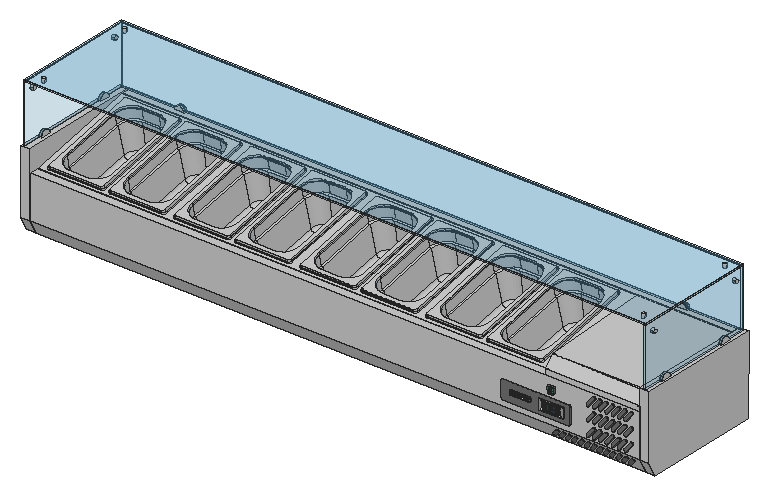
Revit family "QF_BLIZZARD_TOP2000CR", category Specialty Equipment, Revit 2016
Family settings
  Part Type = Normal
  Round Connector Dimension = Use Diameter
  OmniClass Number = 23.40.40.14
  OmniClass Title = Food Service Equipment
  Work Plane-Based = No
  Always vertical = Yes
  Cut with Voids When Loaded = No
  Shared = No
  Room Calculation Point = No
Parameters (values of type "TOP2000CR")
  URL = "www.blizzardequipment.com"
  Show Logo [instance] = yes
  Show Clearance [instance] = yes
  Model = "TOP2000CR"
  Manufacturer = "BLIZZARD"
  Description = "1/3 GASTRONORM PREP TOP WITH GLASS COVER 2000MM"
  Assembly Code = "E1090320"
Reference planes
  plane 1 "Back": y = 0
  plane 2: z = 0
  plane 3 "Left": x = 0
  plane 4 "Right": x = 2000
  plane 5 "Front": y = -395
  plane 6 "Top": z = 439
Forms (mm)
  Extrusion 1, solid
    sketch origin (0, -4, -8) x (0, 1, 0) y (0, 0, 1)
      loop
        line (-391, 53) -> (-366, 8) -> (2.955, 8)
        arc (2.955, 8) -> (3.694, 8.306) -> (4, 9.045) r 1.045
        line (4, 9.045) -> (4, 258) -> (-391, 258) -> (-391, 53)
    from 0 to 30
  Extrusion 2, solid
    sketch origin (1970, -4, -8) x (0, 1, 0) y (0, 0, 1)
      loop
        line (-391, 53) -> (-366, 8) -> (2.955, 8)
        arc (2.955, 8) -> (3.694, 8.306) -> (4, 9.045) r 1.045
        line (4, 9.045) -> (4, 258) -> (-391, 258) -> (-391, 53)
    from 0 to 30
  Extrusion 3, solid
    sketch origin (-580, -4, -8) x (0, 1, 0) y (0, 0, 1)
      loop
        line (-391, 53) -> (-366, 8) -> (2.955, 8)
        arc (2.955, 8) -> (3.694, 8.306) -> (4, 9.045) r 1.045
        line (4, 9.045) -> (4, 258) -> (-26, 258) -> (-26, 38) -> (-348.348, 38) -> (-361, 60.774) -> (-361, 190.193) -> (-391, 190.193) -> (-391, 53)
    from 610 to 2550
  Extrusion 4, solid
    sketch origin (10, 0, -20) x (0, 1, 0) y (0, 0, 1)
      loop
        line (-5, 455) -> (-395, 455) -> (-395, 270) -> (-5, 270) -> (-5, 455)
    from 0 to 5
  Extrusion 5, solid
    sketch origin (1985, 0, -20) x (0, 1, 0) y (0, 0, 1)
      loop
        line (-5, 455) -> (-395, 455) -> (-395, 270) -> (-5, 270) -> (-5, 455)
    from 0 to 5
  Extrusion 6, solid
    sketch origin (-610, 0, -20) x (0, 1, 0) y (0, 0, 1)
      loop
        line (-5, 460) -> (-395, 460) -> (-395, 455) -> (-5, 455) -> (-5, 460)
    from 620 to 2600
  Extrusion 7, solid
    sketch origin (-610, -5, -20) x (1, 0, 0) y (0, 0, 1)
      loop
        line (625, 455) -> (625, 270) -> (2595, 270) -> (2595, 455) -> (625, 455)
    from 0 to 5
  Extrusion 8, solid
    sketch origin (8, -65, -20) x (0, 1, 0) y (0, 0, 1)
      loop
        arc (0, 270) -> (-15, 285) -> (-30, 270) r 15
        line (-30, 270) -> (0, 270)
    from 0 to 2
  Extrusion 9, solid
    sketch origin (8, -330, -20) x (0, -1, 0) y (0, 0, -1)
      loop
        line (0, -270) -> (-30, -270)
        arc (-30, -270) -> (-15, -285) -> (0, -270) r 15
    from 0 to 2
  Extrusion 10, solid
    sketch origin (15, -65, -20) x (0, 1, 0) y (0, 0, 1)
      loop
        arc (0, 270) -> (-15, 285) -> (-30, 270) r 15
        line (-30, 270) -> (0, 270)
    from 0 to 2
  Extrusion 11, solid
    sketch origin (15, -330, -20) x (0, -1, 0) y (0, 0, -1)
      loop
        line (0, -270) -> (-30, -270)
        arc (-30, -270) -> (-15, -285) -> (0, -270) r 15
    from 0 to 2
  Extrusion 12, solid
    sketch origin (1983, -65, -20) x (0, 1, 0) y (0, 0, 1)
      loop
        arc (0, 270) -> (-15, 285) -> (-30, 270) r 15
        line (-30, 270) -> (0, 270)
    from 0 to 2
  Extrusion 13, solid
    sketch origin (1983, -330, -20) x (0, -1, 0) y (0, 0, -1)
      loop
        line (0, -270) -> (-30, -270)
        arc (-30, -270) -> (-15, -285) -> (0, -270) r 15
    from 0 to 2
  Extrusion 14, solid
    sketch origin (1990, -65, -20) x (0, 1, 0) y (0, 0, 1)
      loop
        arc (0, 270) -> (-15, 285) -> (-30, 270) r 15
        line (-30, 270) -> (0, 270)
    from 0 to 2
  Extrusion 15, solid
    sketch origin (1990, -330, -20) x (0, -1, 0) y (0, 0, -1)
      loop
        line (0, -270) -> (-30, -270)
        arc (-30, -270) -> (-15, -285) -> (0, -270) r 15
    from 0 to 2
  Extrusion 16, solid
    sketch origin (7.5, 0, -20) x (0, 1, 0) y (0, 0, 1)
      loop
        circle (-359.645, 424.645) r 5
    from 0 to 10
  Extrusion 17, solid
    sketch origin (1992.5, 0, -20) x (0, 1, 0) y (0, 0, -1)
      loop
        circle (-359.645, -424.645) r 5
    from 0 to 10
  Extrusion 18, solid
    sketch origin (7.5, -395, -20) x (0, -1, 0) y (0, 0, -1)
      loop
        circle (-359.645, -424.645) r 5
    from 0 to 10
  Extrusion 19, solid
    sketch origin (1992.5, -395, -20) x (0, -1, 0) y (0, 0, 1)
      loop
        circle (-359.645, 424.645) r 5
    from 0 to 10
  Extrusion 20, solid
    sketch origin (0, 0, 432.5) x (1, 0, 0) y (0, 1, 0)
      loop
        circle (45.355, -35.355) r 5
    from 0 to 10
  Extrusion 21, solid
    sketch origin (2000, 0, 432.5) x (-1, 0, 0) y (0, -1, 0)
      loop
        circle (45.355, 35.355) r 5
    from 0 to 10
  Extrusion 22, solid
    sketch origin (0, -395, 432.5) x (1, 0, 0) y (0, 1, 0)
      loop
        circle (45.355, 35.355) r 5
    from 0 to 10
  Extrusion 23, solid
    sketch origin (2000, -395, 432.5) x (-1, 0, 0) y (0, -1, 0)
      loop
        circle (45.355, -35.355) r 5
    from 0 to 10
  Extrusion 24, solid
    sketch origin (-610, 389.719, 331.894) x (1, 0, 0) y (0, 0.980124, 0.198386)
      loop
        line (640, -769.416) -> (2580, -769.416) -> (2580, -427.653) -> (640, -427.653) -> (640, -769.416)
      loop
        line (2229, -442.96) -> (2067, -442.96)
        arc (2067, -442.96) -> (2062.757, -444.717) -> (2061, -448.96) r 6
        line (2061, -448.96) -> (2061, -749.86)
        arc (2061, -749.86) -> (2062.757, -754.102) -> (2067, -755.86) r 6
        line (2067, -755.86) -> (2229, -755.86)
        arc (2229, -755.86) -> (2233.243, -754.102) -> (2235, -749.86) r 6
        line (2235, -749.86) -> (2235, -448.96)
        arc (2235, -448.96) -> (2233.243, -444.717) -> (2229, -442.96) r 6
      loop
        line (1635, -442.96) -> (1473, -442.96)
        arc (1473, -442.96) -> (1468.757, -444.717) -> (1467, -448.96) r 6
        line (1467, -448.96) -> (1467, -749.86)
        arc (1467, -749.86) -> (1468.757, -754.102) -> (1473, -755.86) r 6
        line (1473, -755.86) -> (1635, -755.86)
        arc (1635, -755.86) -> (1639.243, -754.102) -> (1641, -749.86) r 6
        line (1641, -749.86) -> (1641, -448.96)
        arc (1641, -448.96) -> (1639.243, -444.717) -> (1635, -442.96) r 6
      loop
        line (1427, -442.96) -> (1265, -442.96)
        arc (1265, -442.96) -> (1260.757, -444.717) -> (1259, -448.96) r 6
        line (1259, -448.96) -> (1259, -749.86)
        arc (1259, -749.86) -> (1260.757, -754.102) -> (1265, -755.86) r 6
        line (1265, -755.86) -> (1427, -755.86)
        arc (1427, -755.86) -> (1431.243, -754.102) -> (1433, -749.86) r 6
        line (1433, -749.86) -> (1433, -448.96)
        arc (1433, -448.96) -> (1431.243, -444.717) -> (1427, -442.96) r 6
      loop
        line (1233, -442.96) -> (1071, -442.96)
        arc (1071, -442.96) -> (1066.757, -444.717) -> (1065, -448.96) r 6
        line (1065, -448.96) -> (1065, -749.86)
        arc (1065, -749.86) -> (1066.757, -754.102) -> (1071, -755.86) r 6
        line (1071, -755.86) -> (1233, -755.86)
        arc (1233, -755.86) -> (1237.243, -754.102) -> (1239, -749.86) r 6
        line (1239, -749.86) -> (1239, -448.96)
        arc (1239, -448.96) -> (1237.243, -444.717) -> (1233, -442.96) r 6
      loop
        line (1027, -442.96) -> (865, -442.96)
        arc (865, -442.96) -> (860.757, -444.717) -> (859, -448.96) r 6
        line (859, -448.96) -> (859, -749.86)
        arc (859, -749.86) -> (860.757, -754.102) -> (865, -755.86) r 6
        line (865, -755.86) -> (1027, -755.86)
        arc (1027, -755.86) -> (1031.243, -754.102) -> (1033, -749.86) r 6
        line (1033, -749.86) -> (1033, -448.96)
        arc (1033, -448.96) -> (1031.243, -444.717) -> (1027, -442.96) r 6
      loop
        line (833, -442.96) -> (671, -442.96)
        arc (671, -442.96) -> (666.757, -444.717) -> (665, -448.96) r 6
        line (665, -448.96) -> (665, -749.86)
        arc (665, -749.86) -> (666.757, -754.102) -> (671, -755.86) r 6
        line (671, -755.86) -> (833, -755.86)
        arc (833, -755.86) -> (837.243, -754.102) -> (839, -749.86) r 6
        line (839, -749.86) -> (839, -448.96)
        arc (839, -448.96) -> (837.243, -444.717) -> (833, -442.96) r 6
      loop
        line (2035, -442.96) -> (1873, -442.96)
        arc (1873, -442.96) -> (1868.757, -444.717) -> (1867, -448.96) r 6
        line (1867, -448.96) -> (1867, -749.86)
        arc (1867, -749.86) -> (1868.757, -754.102) -> (1873, -755.86) r 6
        line (1873, -755.86) -> (2035, -755.86)
        arc (2035, -755.86) -> (2039.243, -754.102) -> (2041, -749.86) r 6
        line (2041, -749.86) -> (2041, -448.96)
        arc (2041, -448.96) -> (2039.243, -444.717) -> (2035, -442.96) r 6
      loop
        line (1829, -442.96) -> (1667, -442.96)
        arc (1667, -442.96) -> (1662.757, -444.717) -> (1661, -448.96) r 6
        line (1661, -448.96) -> (1661, -749.86)
        arc (1661, -749.86) -> (1662.757, -754.102) -> (1667, -755.86) r 6
        line (1667, -755.86) -> (1829, -755.86)
        arc (1829, -755.86) -> (1833.243, -754.102) -> (1835, -749.86) r 6
        line (1835, -749.86) -> (1835, -448.96)
        arc (1835, -448.96) -> (1833.243, -444.717) -> (1829, -442.96) r 6
    from 0 to 3
  Sweep 25, solid
    path origin (779, -13.722, 107.395) x (0, -0.980124, -0.198386) y (1, 0, 0)
      loop
        line (62.985, -289.089) -> (255.95, -289.089)
        arc (255.95, -289.089) -> (273.337, -281.887) -> (280.539, -264.5) r 24.589
        line (280.539, -264.5) -> (280.539, -209.5)
        arc (280.539, -209.5) -> (273.337, -192.113) -> (255.95, -184.911) r 24.589
        line (255.95, -184.911) -> (62.985, -184.911)
        arc (62.985, -184.911) -> (45.598, -192.113) -> (38.396, -209.5) r 24.589
        line (38.396, -209.5) -> (38.396, -264.5)
        arc (38.396, -264.5) -> (45.598, -281.887) -> (62.985, -289.089) r 24.589
    profile origin (489.911, -170.02, 75.759) x (1, 0, 0) y (0, -0.198386, 0.980124)
      loop
        arc (0, 2) -> (-9.637, 5.845) -> (-13.981, 15.267) r 14
        line (-13.981, 15.267) -> (-18.689, 105.106) -> (-23.411, 109.828) -> (-23.411, 143) -> (-25.411, 143) -> (-25.411, 109) -> (-20.646, 104.235) -> (-15.978, 15.163)
        arc (-15.978, 15.163) -> (-11.014, 4.394) -> (0, 0) r 16
        line (0, 0) -> (0, 2)
  Extrusion 26, solid
    sketch origin (779, -14.714, 112.295) x (0, -0.980124, -0.198386) y (1, 0, 0)
      loop
        line (0, -156) -> (0, -318)
        arc (0, -318) -> (2.636, -324.364) -> (9, -327) r 9
        line (9, -327) -> (309.939, -327)
        arc (309.939, -327) -> (316.303, -324.364) -> (318.939, -318) r 9
        line (318.939, -318) -> (318.939, -156)
        arc (318.939, -156) -> (316.303, -149.636) -> (309.939, -147) r 9
        line (309.939, -147) -> (9, -147)
        arc (9, -147) -> (2.636, -149.636) -> (0, -156) r 9
      loop
        arc (14.985, -264.5) -> (29.043, -298.441) -> (62.985, -312.5) r 48
        line (62.985, -312.5) -> (256.139, -312.5)
        arc (256.139, -312.5) -> (289.949, -298.495) -> (303.954, -264.685) r 47.815
        line (303.954, -264.685) -> (303.954, -209.5)
        arc (303.954, -209.5) -> (289.895, -175.559) -> (255.954, -161.5) r 48
        line (255.954, -161.5) -> (62.985, -161.5)
        arc (62.985, -161.5) -> (29.043, -175.559) -> (14.985, -209.5) r 48
        line (14.985, -209.5) -> (14.985, -264.5)
    from 138 to 140
  Extrusion 27, solid
    sketch origin (779, -14.714, 112.295) x (0, -0.980124, -0.198386) y (1, 0, 0)
      loop
        arc (3, -318) -> (4.757, -322.243) -> (9, -324) r 6
        line (9, -324) -> (309.939, -324)
        arc (309.939, -324) -> (314.181, -322.243) -> (315.939, -318) r 6
        line (315.939, -318) -> (315.939, -156)
        arc (315.939, -156) -> (314.181, -151.757) -> (309.939, -150) r 6
        line (309.939, -150) -> (9, -150)
        arc (9, -150) -> (4.757, -151.757) -> (3, -156) r 6
        line (3, -156) -> (3, -318)
      loop
        arc (14.985, -264.5) -> (29.043, -298.441) -> (62.985, -312.5) r 48
        line (62.985, -312.5) -> (255.954, -312.5)
        arc (255.954, -312.5) -> (289.895, -298.441) -> (303.954, -264.5) r 48
        line (303.954, -264.5) -> (303.954, -209.5)
        arc (303.954, -209.5) -> (289.895, -175.559) -> (255.954, -161.5) r 48
        line (255.954, -161.5) -> (62.985, -161.5)
        arc (62.985, -161.5) -> (29.043, -175.559) -> (14.985, -209.5) r 48
        line (14.985, -209.5) -> (14.985, -264.5)
    from 140 to 145
  Extrusion 28, solid
    sketch origin (779, -425.374, 24.073) x (0, -0.980124, -0.198386) y (1, 0, 0)
      loop
        arc (-357.015, -184.911) -> (-374.402, -192.113) -> (-381.604, -209.5) r 24.589
        line (-381.604, -209.5) -> (-381.604, -264.5)
        arc (-381.604, -264.5) -> (-374.402, -281.887) -> (-357.015, -289.089) r 24.589
        line (-357.015, -289.089) -> (-163.865, -289.089)
        arc (-163.865, -289.089) -> (-146.609, -281.941) -> (-139.461, -264.685) r 24.404
        line (-139.461, -264.685) -> (-139.461, -209.315)
        arc (-139.461, -209.315) -> (-146.609, -192.059) -> (-163.865, -184.911) r 24.404
        line (-163.865, -184.911) -> (-357.015, -184.911)
    from 0 to 2
  Extrusion 29, solid
    sketch origin (42.5, -3, -20) x (1, 0, 0) y (0, 0, 1)
      loop
        line (142.5, 270) -> (172.5, 270)
        arc (172.5, 270) -> (157.5, 285) -> (142.5, 270) r 15
    from 0 to 2
  Extrusion 30, solid
    sketch origin (1957.5, -3, -20) x (-1, 0, 0) y (0, 0, -1)
      loop
        arc (142.5, -270) -> (157.5, -285) -> (172.5, -270) r 15
        line (172.5, -270) -> (142.5, -270)
    from 0 to 2
  Extrusion 31, solid
    sketch origin (42.5, -10, -20) x (1, 0, 0) y (0, 0, 1)
      loop
        line (142.5, 270) -> (172.5, 270)
        arc (172.5, 270) -> (157.5, 285) -> (142.5, 270) r 15
    from 0 to 2
  Extrusion 32, solid
    sketch origin (1957.5, -10, -20) x (-1, 0, 0) y (0, 0, -1)
      loop
        arc (142.5, -270) -> (157.5, -285) -> (172.5, -270) r 15
        line (172.5, -270) -> (142.5, -270)
    from 0 to 2
  Extrusion 33, solid
    sketch origin (1648, 205.936, 282.02) x (0, -0.34202, 0.939693) y (0, -0.939693, -0.34202)
      loop
        line (10.308, 247.326) -> (50.606, 232.659) -> (149.332, 555.577)
        arc (149.332, 555.577) -> (149.387, 556.194) -> (149.187, 556.781) r 1.501
        line (149.187, 556.781) -> (128.527, 591.598)
        arc (128.527, 591.598) -> (128.102, 592.105) -> (127.538, 592.449) r 2.032
        line (127.538, 592.449) -> (111.726, 598.838) -> (109.154, 591.772) -> (109.731, 567.639) -> (10.308, 247.326)
    from 24 to 322
  Extrusion 34, solid
    sketch origin (1250.536, -393.5, -1739.135) x (1, 0, 0) y (0, 0, 1)
      loop
        arc (285, 1864.135) -> (281.464, 1862.671) -> (280, 1859.135) r 5
        line (280, 1859.135) -> (280, 1809.135)
        arc (280, 1809.135) -> (281.464, 1805.6) -> (285, 1804.135) r 5
        line (285, 1804.135) -> (494.464, 1804.135)
        arc (494.464, 1804.135) -> (498, 1805.6) -> (499.464, 1809.135) r 5
        line (499.464, 1809.135) -> (499.464, 1859.135)
        arc (499.464, 1859.135) -> (498, 1862.671) -> (494.464, 1864.135) r 5
        line (494.464, 1864.135) -> (285, 1864.135)
    from 0 to 2
  Extrusion 35, solid
    sketch origin (1392.5, -393.5, -713.75) x (1, 0, 0) y (0, 0, 1)
      loop
        arc (260.5, 825) -> (258.379, 824.121) -> (257.5, 822) r 3
        line (257.5, 822) -> (257.5, 795.5)
        arc (257.5, 795.5) -> (258.379, 793.379) -> (260.5, 792.5) r 3
        line (260.5, 792.5) -> (334.5, 792.5)
        arc (334.5, 792.5) -> (336.621, 793.379) -> (337.5, 795.5) r 3
        line (337.5, 795.5) -> (337.5, 822)
        arc (337.5, 822) -> (336.621, 824.121) -> (334.5, 825) r 3
        line (334.5, 825) -> (260.5, 825)
    from 0 to 4
  Extrusion 36, solid
    sketch origin (1392.5, -396.5, -703.75) x (1, 0, 0) y (0, 0, 1)
      loop
        arc (278, 812.5) -> (275.879, 811.621) -> (275, 809.5) r 3
        line (275, 809.5) -> (275, 788)
        arc (275, 788) -> (275.879, 785.879) -> (278, 785) r 3
        line (278, 785) -> (317, 785)
        arc (317, 785) -> (319.121, 785.879) -> (320, 788) r 3
        line (320, 788) -> (320, 809.5)
        arc (320, 809.5) -> (319.121, 811.621) -> (317, 812.5) r 3
        line (317, 812.5) -> (278, 812.5)
    from 0 to 2
  Extrusion 37, solid
    sketch origin (1393.951, -397, -704.25) x (1, 0, 0) y (0, 0, 1)
      loop
        line (278.549, 800.5) -> (280.549, 800.5) -> (280.549, 809) -> (278.549, 809) -> (278.549, 800.5)
      loop
        line (278.549, 789) -> (280.549, 789) -> (280.549, 797) -> (278.549, 797) -> (278.549, 789)
      loop
        line (281.049, 811.5) -> (281.049, 809.5) -> (291.049, 809.5) -> (291.049, 811.5) -> (281.049, 811.5)
      loop
        line (293.549, 800.5) -> (293.549, 809) -> (291.549, 809) -> (291.549, 800.5) -> (293.549, 800.5)
      loop
        line (293.549, 789) -> (293.549, 797) -> (291.549, 797) -> (291.549, 789) -> (293.549, 789)
      loop
        line (281.049, 786.5) -> (291.049, 786.5) -> (291.049, 788.5) -> (281.049, 788.5) -> (281.049, 786.5)
      loop
        line (298.549, 800.5) -> (300.549, 800.5) -> (300.549, 809) -> (298.549, 809) -> (298.549, 800.5)
      loop
        line (301.049, 811.5) -> (301.049, 809.5) -> (311.049, 809.5) -> (311.049, 811.5) -> (301.049, 811.5)
      loop
        line (313.549, 800.5) -> (313.549, 809) -> (311.549, 809) -> (311.549, 800.5) -> (313.549, 800.5)
      loop
        line (313.549, 789) -> (313.549, 797) -> (311.549, 797) -> (311.549, 789) -> (313.549, 789)
      loop
        line (301.049, 798) -> (311.049, 798) -> (311.049, 800) -> (301.049, 800) -> (301.049, 798)
      loop
        line (301.049, 786.5) -> (311.049, 786.5) -> (311.049, 788.5) -> (301.049, 788.5) -> (301.049, 786.5)
      loop
        line (297.049, 786.5) -> (297.049, 788.5) -> (295.049, 788.5) -> (295.049, 786.5) -> (297.049, 786.5)
    from 0 to 2
  Extrusion 38, solid
    sketch origin (1365.5, -396, -1708.75) x (1, 0, 0) y (0, 0, 1)
      loop
        arc (300, 1815) -> (299.121, 1817.121) -> (297, 1818) r 3
        line (297, 1818) -> (292, 1818) -> (292, 1816) -> (297, 1816)
        arc (297, 1816) -> (297.707, 1815.707) -> (298, 1815) r 1
        line (298, 1815) -> (298, 1811.5) -> (295, 1811.5) -> (295, 1809.5) -> (298, 1809.5) -> (298, 1805) -> (295, 1805) -> (295, 1803) -> (298, 1803) -> (298, 1798.5) -> (295, 1798.5) -> (295, 1796.5) -> (298, 1796.5) -> (298, 1793)
        arc (298, 1793) -> (297.707, 1792.293) -> (297, 1792) r 1
        line (297, 1792) -> (292, 1792) -> (292, 1790) -> (297, 1790)
        arc (297, 1790) -> (299.121, 1790.879) -> (300, 1793) r 3
        line (300, 1793) -> (300, 1815)
      loop
        line (349, 1815) -> (349, 1793)
        arc (349, 1793) -> (349.879, 1790.879) -> (352, 1790) r 3
        line (352, 1790) -> (357, 1790) -> (357, 1792) -> (352, 1792)
        arc (352, 1792) -> (351.293, 1792.293) -> (351, 1793) r 1
        line (351, 1793) -> (351, 1796.5) -> (354, 1796.5) -> (354, 1798.5) -> (351, 1798.5) -> (351, 1803) -> (354, 1803) -> (354, 1805) -> (351, 1805) -> (351, 1809.5) -> (354, 1809.5) -> (354, 1811.5) -> (351, 1811.5) -> (351, 1815)
        arc (351, 1815) -> (351.293, 1815.707) -> (352, 1816) r 1
        line (352, 1816) -> (357, 1816) -> (357, 1818) -> (352, 1818)
        arc (352, 1818) -> (349.879, 1817.121) -> (349, 1815) r 3
    from 0 to 2
  Extrusion 39, solid, visible <- "Show Logo"
    sketch origin (1532.91, -393.7, -42.983) x (1, 0, 0) y (0, 0, 1)
      loop
        line (30.3, 133.137) -> (36.162, 133.137)
        arc (36.162, 133.137) -> (39.122, 134.994) -> (38.048, 138.319) r 2.844
        arc (38.048, 138.319) -> (38.838, 141.267) -> (36.338, 143.017) r 2.66
        line (36.338, 143.017) -> (31.338, 143.017) -> (30.3, 133.137)
      loop
        line (33.066, 135.126) -> (35.993, 135.126)
        arc (35.993, 135.126) -> (36.943, 136.076) -> (35.993, 137.026) r 0.95
        line (35.993, 137.026) -> (33.066, 137.026) -> (33.066, 135.126)
      loop
        line (33.528, 139.285) -> (36.147, 139.285)
        arc (36.147, 139.285) -> (36.994, 140.133) -> (36.147, 140.98) r 0.847
        line (36.147, 140.98) -> (33.528, 140.98) -> (33.528, 139.285)
      loop
        line (40.306, 133.137) -> (42.874, 133.137) -> (43.912, 143.017) -> (41.344, 143.017) -> (40.306, 133.137)
      loop
        line (45.174, 140.98) -> (47.749, 140.98) -> (47.964, 143.017) -> (45.389, 143.017) -> (45.174, 140.98)
      loop
        line (45.104, 140.313) -> (44.35, 133.137) -> (46.671, 133.137) -> (47.425, 140.313) -> (45.104, 140.313)
      loop
        line (48.314, 138.359) -> (51.196, 138.359) -> (47.765, 134.548) -> (47.765, 133.137) -> (54.184, 133.137) -> (54.393, 135.126) -> (51.213, 135.126) -> (54.657, 138.952) -> (54.657, 140.313) -> (48.519, 140.313) -> (48.314, 138.359)
      loop
        line (55.213, 138.359) -> (58.095, 138.359) -> (54.664, 134.548) -> (54.664, 133.137) -> (61.084, 133.137) -> (61.293, 135.126) -> (58.112, 135.126) -> (61.557, 138.952) -> (61.557, 140.313) -> (55.419, 140.313) -> (55.213, 138.359)
      loop
        arc (64.816, 137.983) -> (65.785, 138.952) -> (66.753, 137.983) r 0.969
        line (66.753, 137.983) -> (64.711, 137.436)
        arc (64.711, 137.436) -> (62.642, 134.297) -> (66.342, 133.633) r 2.251
        line (66.342, 133.633) -> (66.77, 132.921) -> (69.168, 132.921) -> (68.641, 134.052) -> (69.084, 138.274)
        arc (69.084, 138.274) -> (65.782, 140.567) -> (62.514, 138.225) r 3.488
        line (62.514, 138.225) -> (64.816, 137.983)
      loop
        line (69.848, 133.137) -> (72.232, 133.137) -> (72.59, 136.546)
        arc (72.59, 136.546) -> (73.413, 137.974) -> (75.025, 138.32) r 2.029
        line (75.025, 138.32) -> (75.83, 140.313)
        arc (75.83, 140.313) -> (74.279, 140.541) -> (72.927, 139.749) r 2.362
        line (72.927, 139.749) -> (72.927, 140.627) -> (70.635, 140.627) -> (69.848, 133.137)
      loop
        line (82.596, 133.137) -> (83.635, 143.017) -> (81.373, 143.017) -> (81.031, 139.764)
        arc (81.031, 139.764) -> (75.402, 137.124) -> (80.359, 133.372) r 3.631
        line (80.359, 133.372) -> (82.596, 133.137)
      loop
        spline (78.956, 134.82) -> (79.32, 134.851) -> (79.675, 135.016) -> (79.994, 135.304) -> (80.258, 135.695) -> (80.446, 136.164) -> (80.548, 136.677) -> (80.555, 137.2) -> (80.468, 137.697) -> (80.292, 138.134) -> (80.039, 138.483) -> (79.727, 138.718) -> (79.376, 138.823)
        spline (79.376, 138.823) -> (79.011, 138.793) -> (78.657, 138.628) -> (78.338, 138.34) -> (78.074, 137.948) -> (77.886, 137.48) -> (77.784, 136.967) -> (77.777, 136.444) -> (77.864, 135.947) -> (78.04, 135.509) -> (78.293, 135.161) -> (78.605, 134.926) -> (78.956, 134.82)
      loop
        line (66.385, 136.28) -> (64.729, 135.958)
        arc (64.729, 135.958) -> (64.361, 135.233) -> (65.042, 134.788) r 0.609
        arc (65.042, 134.788) -> (66.068, 135.215) -> (66.385, 136.28) r 1.295
      loop
        line (85.459, 146.184) -> (29.578, 146.184)
        arc (29.578, 146.184) -> (25.494, 144.492) -> (23.802, 140.407) r 5.777
        line (23.802, 140.407) -> (23.802, 135.662)
        arc (23.802, 135.662) -> (25.494, 131.578) -> (29.578, 129.886) r 5.777
        line (29.578, 129.886) -> (85.459, 129.886)
        arc (85.459, 129.886) -> (89.544, 131.578) -> (91.236, 135.662) r 5.777
        line (91.236, 135.662) -> (91.236, 140.407)
        arc (91.236, 140.407) -> (89.544, 144.492) -> (85.459, 146.184) r 5.777
      loop
        line (85.459, 145.184) -> (29.578, 145.184)
        arc (29.578, 145.184) -> (26.201, 143.785) -> (24.802, 140.407) r 4.777
        line (24.802, 140.407) -> (24.802, 135.662)
        arc (24.802, 135.662) -> (26.201, 132.285) -> (29.578, 130.886) r 4.777
        line (29.578, 130.886) -> (85.459, 130.886)
        arc (85.459, 130.886) -> (88.837, 132.285) -> (90.236, 135.662) r 4.777
        line (90.236, 135.662) -> (90.236, 140.407)
        arc (90.236, 140.407) -> (88.837, 143.785) -> (85.459, 145.184) r 4.777
    from 0 to 2
  Extrusion 40, solid
    sketch origin (791.08, -393.5, -34.541) x (1, 0, 0) y (0, 0, 1)
      loop
        line (1030, 207.338) -> (1011.08, 183.441)
        arc (1011.08, 183.441) -> (1011.896, 176.418) -> (1018.92, 177.234) r 5
        line (1018.92, 177.234) -> (1037.84, 201.13)
        arc (1037.84, 201.13) -> (1037.024, 208.154) -> (1030, 207.338) r 5
      loop
        line (1050, 207.338) -> (1031.08, 183.441)
        arc (1031.08, 183.441) -> (1031.896, 176.418) -> (1038.92, 177.234) r 5
        line (1038.92, 177.234) -> (1057.84, 201.13)
        arc (1057.84, 201.13) -> (1057.024, 208.154) -> (1050, 207.338) r 5
      loop
        line (1070, 207.338) -> (1051.08, 183.441)
        arc (1051.08, 183.441) -> (1051.896, 176.418) -> (1058.92, 177.234) r 5
        line (1058.92, 177.234) -> (1077.84, 201.13)
        arc (1077.84, 201.13) -> (1077.024, 208.154) -> (1070, 207.338) r 5
      loop
        line (1090, 207.338) -> (1071.08, 183.441)
        arc (1071.08, 183.441) -> (1071.896, 176.418) -> (1078.92, 177.234) r 5
        line (1078.92, 177.234) -> (1097.84, 201.13)
        arc (1097.84, 201.13) -> (1097.024, 208.154) -> (1090, 207.338) r 5
      loop
        line (1110, 207.338) -> (1091.08, 183.441)
        arc (1091.08, 183.441) -> (1091.896, 176.418) -> (1098.92, 177.234) r 5
        line (1098.92, 177.234) -> (1117.84, 201.13)
        arc (1117.84, 201.13) -> (1117.024, 208.154) -> (1110, 207.338) r 5
      loop
        line (1130, 207.338) -> (1111.08, 183.441)
        arc (1111.08, 183.441) -> (1111.896, 176.418) -> (1118.92, 177.234) r 5
        line (1118.92, 177.234) -> (1137.84, 201.13)
        arc (1137.84, 201.13) -> (1137.024, 208.154) -> (1130, 207.338) r 5
      loop
        line (1150, 207.338) -> (1131.08, 183.441)
        arc (1131.08, 183.441) -> (1131.896, 176.418) -> (1138.92, 177.234) r 5
        line (1138.92, 177.234) -> (1157.84, 201.13)
        arc (1157.84, 201.13) -> (1157.024, 208.154) -> (1150, 207.338) r 5
      loop
        line (1030, 163.441) -> (1011.08, 139.545)
        arc (1011.08, 139.545) -> (1011.896, 132.521) -> (1018.92, 133.338) r 5
        line (1018.92, 133.338) -> (1037.84, 157.234)
        arc (1037.84, 157.234) -> (1037.024, 164.258) -> (1030, 163.441) r 5
      loop
        line (1050, 163.441) -> (1031.08, 139.545)
        arc (1031.08, 139.545) -> (1031.896, 132.521) -> (1038.92, 133.338) r 5
        line (1038.92, 133.338) -> (1057.84, 157.234)
        arc (1057.84, 157.234) -> (1057.024, 164.258) -> (1050, 163.441) r 5
      loop
        line (1070, 163.441) -> (1051.08, 139.545)
        arc (1051.08, 139.545) -> (1051.896, 132.521) -> (1058.92, 133.338) r 5
        line (1058.92, 133.338) -> (1077.84, 157.234)
        arc (1077.84, 157.234) -> (1077.024, 164.258) -> (1070, 163.441) r 5
      loop
        line (1090, 163.441) -> (1071.08, 139.545)
        arc (1071.08, 139.545) -> (1071.896, 132.521) -> (1078.92, 133.338) r 5
        line (1078.92, 133.338) -> (1097.84, 157.234)
        arc (1097.84, 157.234) -> (1097.024, 164.258) -> (1090, 163.441) r 5
      loop
        line (1110, 163.441) -> (1091.08, 139.545)
        arc (1091.08, 139.545) -> (1091.896, 132.521) -> (1098.92, 133.338) r 5
        line (1098.92, 133.338) -> (1117.84, 157.234)
        arc (1117.84, 157.234) -> (1117.024, 164.258) -> (1110, 163.441) r 5
      loop
        line (1130, 163.441) -> (1111.08, 139.545)
        arc (1111.08, 139.545) -> (1111.896, 132.521) -> (1118.92, 133.338) r 5
        line (1118.92, 133.338) -> (1137.84, 157.234)
        arc (1137.84, 157.234) -> (1137.024, 164.258) -> (1130, 163.441) r 5
      loop
        line (1150, 163.441) -> (1131.08, 139.545)
        arc (1131.08, 139.545) -> (1131.896, 132.521) -> (1138.92, 133.338) r 5
        line (1138.92, 133.338) -> (1157.84, 157.234)
        arc (1157.84, 157.234) -> (1157.024, 164.258) -> (1150, 163.441) r 5
      loop
        line (1030, 119.663) -> (1011.08, 95.767)
        arc (1011.08, 95.767) -> (1011.896, 88.743) -> (1018.92, 89.559) r 5
        line (1018.92, 89.559) -> (1037.84, 113.456)
        arc (1037.84, 113.456) -> (1037.024, 120.479) -> (1030, 119.663) r 5
      loop
        line (1050, 119.663) -> (1031.08, 95.767)
        arc (1031.08, 95.767) -> (1031.896, 88.743) -> (1038.92, 89.559) r 5
        line (1038.92, 89.559) -> (1057.84, 113.456)
        arc (1057.84, 113.456) -> (1057.024, 120.479) -> (1050, 119.663) r 5
      loop
        line (1070, 119.663) -> (1051.08, 95.767)
        arc (1051.08, 95.767) -> (1051.896, 88.743) -> (1058.92, 89.559) r 5
        line (1058.92, 89.559) -> (1077.84, 113.456)
        arc (1077.84, 113.456) -> (1077.024, 120.479) -> (1070, 119.663) r 5
      loop
        line (1090, 119.663) -> (1071.08, 95.767)
        arc (1071.08, 95.767) -> (1071.896, 88.743) -> (1078.92, 89.559) r 5
        line (1078.92, 89.559) -> (1097.84, 113.456)
        arc (1097.84, 113.456) -> (1097.024, 120.479) -> (1090, 119.663) r 5
      loop
        line (1110, 119.663) -> (1091.08, 95.767)
        arc (1091.08, 95.767) -> (1091.896, 88.743) -> (1098.92, 89.559) r 5
        line (1098.92, 89.559) -> (1117.84, 113.456)
        arc (1117.84, 113.456) -> (1117.024, 120.479) -> (1110, 119.663) r 5
      loop
        line (1130, 119.663) -> (1111.08, 95.767)
        arc (1111.08, 95.767) -> (1111.896, 88.743) -> (1118.92, 89.559) r 5
        line (1118.92, 89.559) -> (1137.84, 113.456)
        arc (1137.84, 113.456) -> (1137.024, 120.479) -> (1130, 119.663) r 5
      loop
        line (1150, 119.663) -> (1131.08, 95.767)
        arc (1131.08, 95.767) -> (1131.896, 88.743) -> (1138.92, 89.559) r 5
        line (1138.92, 89.559) -> (1157.84, 113.456)
        arc (1157.84, 113.456) -> (1157.024, 120.479) -> (1150, 119.663) r 5
    from 0 to 2
  Extrusion 41, solid
    sketch origin (791.08, -288.186, -144.301) x (1, 0, 0) y (0, -0.485643, 0.874157)
      loop
        line (1030, 207.338) -> (1011.08, 183.441)
        arc (1011.08, 183.441) -> (1011.896, 176.418) -> (1018.92, 177.234) r 5
        line (1018.92, 177.234) -> (1037.84, 201.13)
        arc (1037.84, 201.13) -> (1037.024, 208.154) -> (1030, 207.338) r 5
      loop
        line (1050, 207.338) -> (1031.08, 183.441)
        arc (1031.08, 183.441) -> (1031.896, 176.418) -> (1038.92, 177.234) r 5
        line (1038.92, 177.234) -> (1057.84, 201.13)
        arc (1057.84, 201.13) -> (1057.024, 208.154) -> (1050, 207.338) r 5
      loop
        line (1070, 207.338) -> (1051.08, 183.441)
        arc (1051.08, 183.441) -> (1051.896, 176.418) -> (1058.92, 177.234) r 5
        line (1058.92, 177.234) -> (1077.84, 201.13)
        arc (1077.84, 201.13) -> (1077.024, 208.154) -> (1070, 207.338) r 5
      loop
        line (1090, 207.338) -> (1071.08, 183.441)
        arc (1071.08, 183.441) -> (1071.896, 176.418) -> (1078.92, 177.234) r 5
        line (1078.92, 177.234) -> (1097.84, 201.13)
        arc (1097.84, 201.13) -> (1097.024, 208.154) -> (1090, 207.338) r 5
      loop
        line (1110, 207.338) -> (1091.08, 183.441)
        arc (1091.08, 183.441) -> (1091.896, 176.418) -> (1098.92, 177.234) r 5
        line (1098.92, 177.234) -> (1117.84, 201.13)
        arc (1117.84, 201.13) -> (1117.024, 208.154) -> (1110, 207.338) r 5
      loop
        line (1130, 207.338) -> (1111.08, 183.441)
        arc (1111.08, 183.441) -> (1111.896, 176.418) -> (1118.92, 177.234) r 5
        line (1118.92, 177.234) -> (1137.84, 201.13)
        arc (1137.84, 201.13) -> (1137.024, 208.154) -> (1130, 207.338) r 5
      loop
        line (1150, 207.338) -> (1131.08, 183.441)
        arc (1131.08, 183.441) -> (1131.896, 176.418) -> (1138.92, 177.234) r 5
        line (1138.92, 177.234) -> (1157.84, 201.13)
        arc (1157.84, 201.13) -> (1157.024, 208.154) -> (1150, 207.338) r 5
      loop
        line (910, 207.338) -> (891.08, 183.441)
        arc (891.08, 183.441) -> (891.896, 176.418) -> (898.92, 177.234) r 5
        line (898.92, 177.234) -> (917.84, 201.13)
        arc (917.84, 201.13) -> (917.024, 208.154) -> (910, 207.338) r 5
      loop
        line (930, 207.338) -> (911.08, 183.441)
        arc (911.08, 183.441) -> (911.896, 176.418) -> (918.92, 177.234) r 5
        line (918.92, 177.234) -> (937.84, 201.13)
        arc (937.84, 201.13) -> (937.024, 208.154) -> (930, 207.338) r 5
      loop
        line (950, 207.338) -> (931.08, 183.441)
        arc (931.08, 183.441) -> (931.896, 176.418) -> (938.92, 177.234) r 5
        line (938.92, 177.234) -> (957.84, 201.13)
        arc (957.84, 201.13) -> (957.024, 208.154) -> (950, 207.338) r 5
      loop
        line (970, 207.338) -> (951.08, 183.441)
        arc (951.08, 183.441) -> (951.896, 176.418) -> (958.92, 177.234) r 5
        line (958.92, 177.234) -> (977.84, 201.13)
        arc (977.84, 201.13) -> (977.024, 208.154) -> (970, 207.338) r 5
      loop
        line (990, 207.338) -> (971.08, 183.441)
        arc (971.08, 183.441) -> (971.896, 176.418) -> (978.92, 177.234) r 5
        line (978.92, 177.234) -> (997.84, 201.13)
        arc (997.84, 201.13) -> (997.024, 208.154) -> (990, 207.338) r 5
      loop
        line (1010, 207.338) -> (991.08, 183.441)
        arc (991.08, 183.441) -> (991.896, 176.418) -> (998.92, 177.234) r 5
        line (998.92, 177.234) -> (1017.84, 201.13)
        arc (1017.84, 201.13) -> (1017.024, 208.154) -> (1010, 207.338) r 5
    from 0 to 2
  Extrusion 42, solid
    sketch origin (1682.5, -385.499, -657) x (1, 0, 0) y (0, 0, 1)
      loop
        arc (3, 815) -> (0.879, 814.121) -> (0, 812) r 3
        line (0, 812) -> (0, 798)
        arc (0, 798) -> (0.879, 795.879) -> (3, 795) r 3
        line (3, 795) -> (12, 795)
        arc (12, 795) -> (14.121, 795.879) -> (15, 798) r 3
        line (15, 798) -> (15, 812)
        arc (15, 812) -> (14.121, 814.121) -> (12, 815) r 3
        line (12, 815) -> (3, 815)
    from 9.001 to 20
  Extrusion 43, void
    sketch origin (1680, 254.501, -657) x (0, 1, 0) y (0, 0, 1)
      loop
        line (-659.545, 817.359) -> (-661.721, 817.359) -> (-661.721, 793) -> (-653.921, 793) -> (-659.545, 817.359)
    from 0 to 20
  Extrusion 44, solid
    sketch origin (1682.5, -393.5, -657) x (1, 0, 0) y (0, 0, 1)
      loop
        arc (3, 818) -> (-1.243, 816.243) -> (-3, 812) r 6
        line (-3, 812) -> (-3, 798)
        arc (-3, 798) -> (-1.243, 793.757) -> (3, 792) r 6
        line (3, 792) -> (12, 792)
        arc (12, 792) -> (16.243, 793.757) -> (18, 798) r 6
        line (18, 798) -> (18, 812)
        arc (18, 812) -> (16.243, 816.243) -> (12, 818) r 6
        line (12, 818) -> (3, 818)
    from 0 to 4
  Extrusion 45, solid
    sketch origin (1320.219, -220.533, -632.176) x (1, 0, 0) y (0, -0.224951, 0.97437)
      loop
        line (368.781, 810.281) -> (368.781, 805.281) -> (370.781, 805.281) -> (370.781, 810.281) -> (368.781, 810.281)
    from 0 to 2
  Extrusion 46, solid
    sketch origin (1320.219, -217.384, -645.817) x (1, 0, 0) y (0, -0.224951, 0.97437)
      loop
        circle (369.781, 809.781) r 2.5
      loop
        circle (369.781, 809.781) r 3.5
    from 0 to 2
  Sweep 47, solid
    path origin (973, -13.722, 107.395) x (0, -0.980124, -0.198386) y (1, 0, 0)
      loop
        line (62.985, -289.089) -> (255.95, -289.089)
        arc (255.95, -289.089) -> (273.337, -281.887) -> (280.539, -264.5) r 24.589
        line (280.539, -264.5) -> (280.539, -209.5)
        arc (280.539, -209.5) -> (273.337, -192.113) -> (255.95, -184.911) r 24.589
        line (255.95, -184.911) -> (62.985, -184.911)
        arc (62.985, -184.911) -> (45.598, -192.113) -> (38.396, -209.5) r 24.589
        line (38.396, -209.5) -> (38.396, -264.5)
        arc (38.396, -264.5) -> (45.598, -281.887) -> (62.985, -289.089) r 24.589
    profile origin (683.911, -170.02, 75.759) x (1, 0, 0) y (0, -0.198386, 0.980124)
      loop
        arc (0, 2) -> (-9.637, 5.845) -> (-13.981, 15.267) r 14
        line (-13.981, 15.267) -> (-18.689, 105.106) -> (-23.411, 109.828) -> (-23.411, 143) -> (-25.411, 143) -> (-25.411, 109) -> (-20.646, 104.235) -> (-15.978, 15.163)
        arc (-15.978, 15.163) -> (-11.014, 4.394) -> (0, 0) r 16
        line (0, 0) -> (0, 2)
  Extrusion 48, solid
    sketch origin (973, -14.714, 112.295) x (0, -0.980124, -0.198386) y (1, 0, 0)
      loop
        line (0, -156) -> (0, -318)
        arc (0, -318) -> (2.636, -324.364) -> (9, -327) r 9
        line (9, -327) -> (309.939, -327)
        arc (309.939, -327) -> (316.303, -324.364) -> (318.939, -318) r 9
        line (318.939, -318) -> (318.939, -156)
        arc (318.939, -156) -> (316.303, -149.636) -> (309.939, -147) r 9
        line (309.939, -147) -> (9, -147)
        arc (9, -147) -> (2.636, -149.636) -> (0, -156) r 9
      loop
        arc (14.985, -264.5) -> (29.043, -298.441) -> (62.985, -312.5) r 48
        line (62.985, -312.5) -> (256.139, -312.5)
        arc (256.139, -312.5) -> (289.949, -298.495) -> (303.954, -264.685) r 47.815
        line (303.954, -264.685) -> (303.954, -209.5)
        arc (303.954, -209.5) -> (289.895, -175.559) -> (255.954, -161.5) r 48
        line (255.954, -161.5) -> (62.985, -161.5)
        arc (62.985, -161.5) -> (29.043, -175.559) -> (14.985, -209.5) r 48
        line (14.985, -209.5) -> (14.985, -264.5)
    from 138 to 140
  Extrusion 49, solid
    sketch origin (973, -14.714, 112.295) x (0, -0.980124, -0.198386) y (1, 0, 0)
      loop
        arc (3, -318) -> (4.757, -322.243) -> (9, -324) r 6
        line (9, -324) -> (309.939, -324)
        arc (309.939, -324) -> (314.181, -322.243) -> (315.939, -318) r 6
        line (315.939, -318) -> (315.939, -156)
        arc (315.939, -156) -> (314.181, -151.757) -> (309.939, -150) r 6
        line (309.939, -150) -> (9, -150)
        arc (9, -150) -> (4.757, -151.757) -> (3, -156) r 6
        line (3, -156) -> (3, -318)
      loop
        arc (14.985, -264.5) -> (29.043, -298.441) -> (62.985, -312.5) r 48
        line (62.985, -312.5) -> (255.954, -312.5)
        arc (255.954, -312.5) -> (289.895, -298.441) -> (303.954, -264.5) r 48
        line (303.954, -264.5) -> (303.954, -209.5)
        arc (303.954, -209.5) -> (289.895, -175.559) -> (255.954, -161.5) r 48
        line (255.954, -161.5) -> (62.985, -161.5)
        arc (62.985, -161.5) -> (29.043, -175.559) -> (14.985, -209.5) r 48
        line (14.985, -209.5) -> (14.985, -264.5)
    from 140 to 145
  Extrusion 50, solid
    sketch origin (973, -425.374, 24.073) x (0, -0.980124, -0.198386) y (1, 0, 0)
      loop
        arc (-357.015, -184.911) -> (-374.402, -192.113) -> (-381.604, -209.5) r 24.589
        line (-381.604, -209.5) -> (-381.604, -264.5)
        arc (-381.604, -264.5) -> (-374.402, -281.887) -> (-357.015, -289.089) r 24.589
        line (-357.015, -289.089) -> (-163.865, -289.089)
        arc (-163.865, -289.089) -> (-146.609, -281.941) -> (-139.461, -264.685) r 24.404
        line (-139.461, -264.685) -> (-139.461, -209.315)
        arc (-139.461, -209.315) -> (-146.609, -192.059) -> (-163.865, -184.911) r 24.404
        line (-163.865, -184.911) -> (-357.015, -184.911)
    from 0 to 2
  Sweep 51, solid
    path origin (1181, -13.722, 107.395) x (0, -0.980124, -0.198386) y (1, 0, 0)
      loop
        line (62.985, -289.089) -> (255.95, -289.089)
        arc (255.95, -289.089) -> (273.337, -281.887) -> (280.539, -264.5) r 24.589
        line (280.539, -264.5) -> (280.539, -209.5)
        arc (280.539, -209.5) -> (273.337, -192.113) -> (255.95, -184.911) r 24.589
        line (255.95, -184.911) -> (62.985, -184.911)
        arc (62.985, -184.911) -> (45.598, -192.113) -> (38.396, -209.5) r 24.589
        line (38.396, -209.5) -> (38.396, -264.5)
        arc (38.396, -264.5) -> (45.598, -281.887) -> (62.985, -289.089) r 24.589
    profile origin (891.911, -170.02, 75.759) x (1, 0, 0) y (0, -0.198386, 0.980124)
      loop
        arc (0, 2) -> (-9.637, 5.845) -> (-13.981, 15.267) r 14
        line (-13.981, 15.267) -> (-18.689, 105.106) -> (-23.411, 109.828) -> (-23.411, 143) -> (-25.411, 143) -> (-25.411, 109) -> (-20.646, 104.235) -> (-15.978, 15.163)
        arc (-15.978, 15.163) -> (-11.014, 4.394) -> (0, 0) r 16
        line (0, 0) -> (0, 2)
  Extrusion 52, solid
    sketch origin (1181, -14.714, 112.295) x (0, -0.980124, -0.198386) y (1, 0, 0)
      loop
        line (0, -156) -> (0, -318)
        arc (0, -318) -> (2.636, -324.364) -> (9, -327) r 9
        line (9, -327) -> (309.939, -327)
        arc (309.939, -327) -> (316.303, -324.364) -> (318.939, -318) r 9
        line (318.939, -318) -> (318.939, -156)
        arc (318.939, -156) -> (316.303, -149.636) -> (309.939, -147) r 9
        line (309.939, -147) -> (9, -147)
        arc (9, -147) -> (2.636, -149.636) -> (0, -156) r 9
      loop
        arc (14.985, -264.5) -> (29.043, -298.441) -> (62.985, -312.5) r 48
        line (62.985, -312.5) -> (256.139, -312.5)
        arc (256.139, -312.5) -> (289.949, -298.495) -> (303.954, -264.685) r 47.815
        line (303.954, -264.685) -> (303.954, -209.5)
        arc (303.954, -209.5) -> (289.895, -175.559) -> (255.954, -161.5) r 48
        line (255.954, -161.5) -> (62.985, -161.5)
        arc (62.985, -161.5) -> (29.043, -175.559) -> (14.985, -209.5) r 48
        line (14.985, -209.5) -> (14.985, -264.5)
    from 138 to 140
  Extrusion 53, solid
    sketch origin (1181, -14.714, 112.295) x (0, -0.980124, -0.198386) y (1, 0, 0)
      loop
        arc (3, -318) -> (4.757, -322.243) -> (9, -324) r 6
        line (9, -324) -> (309.939, -324)
        arc (309.939, -324) -> (314.181, -322.243) -> (315.939, -318) r 6
        line (315.939, -318) -> (315.939, -156)
        arc (315.939, -156) -> (314.181, -151.757) -> (309.939, -150) r 6
        line (309.939, -150) -> (9, -150)
        arc (9, -150) -> (4.757, -151.757) -> (3, -156) r 6
        line (3, -156) -> (3, -318)
      loop
        arc (14.985, -264.5) -> (29.043, -298.441) -> (62.985, -312.5) r 48
        line (62.985, -312.5) -> (255.954, -312.5)
        arc (255.954, -312.5) -> (289.895, -298.441) -> (303.954, -264.5) r 48
        line (303.954, -264.5) -> (303.954, -209.5)
        arc (303.954, -209.5) -> (289.895, -175.559) -> (255.954, -161.5) r 48
        line (255.954, -161.5) -> (62.985, -161.5)
        arc (62.985, -161.5) -> (29.043, -175.559) -> (14.985, -209.5) r 48
        line (14.985, -209.5) -> (14.985, -264.5)
    from 140 to 145
  Extrusion 54, solid
    sketch origin (1181, -425.374, 24.073) x (0, -0.980124, -0.198386) y (1, 0, 0)
      loop
        arc (-357.015, -184.911) -> (-374.402, -192.113) -> (-381.604, -209.5) r 24.589
        line (-381.604, -209.5) -> (-381.604, -264.5)
        arc (-381.604, -264.5) -> (-374.402, -281.887) -> (-357.015, -289.089) r 24.589
        line (-357.015, -289.089) -> (-163.865, -289.089)
        arc (-163.865, -289.089) -> (-146.609, -281.941) -> (-139.461, -264.685) r 24.404
        line (-139.461, -264.685) -> (-139.461, -209.315)
        arc (-139.461, -209.315) -> (-146.609, -192.059) -> (-163.865, -184.911) r 24.404
        line (-163.865, -184.911) -> (-357.015, -184.911)
    from 0 to 2
  Sweep 55, solid
    path origin (1775, -13.722, 107.395) x (0, -0.980124, -0.198386) y (1, 0, 0)
      loop
        line (62.985, -289.089) -> (255.95, -289.089)
        arc (255.95, -289.089) -> (273.337, -281.887) -> (280.539, -264.5) r 24.589
        line (280.539, -264.5) -> (280.539, -209.5)
        arc (280.539, -209.5) -> (273.337, -192.113) -> (255.95, -184.911) r 24.589
        line (255.95, -184.911) -> (62.985, -184.911)
        arc (62.985, -184.911) -> (45.598, -192.113) -> (38.396, -209.5) r 24.589
        line (38.396, -209.5) -> (38.396, -264.5)
        arc (38.396, -264.5) -> (45.598, -281.887) -> (62.985, -289.089) r 24.589
    profile origin (1485.911, -170.02, 75.759) x (1, 0, 0) y (0, -0.198386, 0.980124)
      loop
        arc (0, 2) -> (-9.637, 5.845) -> (-13.981, 15.267) r 14
        line (-13.981, 15.267) -> (-18.689, 105.106) -> (-23.411, 109.828) -> (-23.411, 143) -> (-25.411, 143) -> (-25.411, 109) -> (-20.646, 104.235) -> (-15.978, 15.163)
        arc (-15.978, 15.163) -> (-11.014, 4.394) -> (0, 0) r 16
        line (0, 0) -> (0, 2)
  Extrusion 56, solid
    sketch origin (1775, -14.714, 112.295) x (0, -0.980124, -0.198386) y (1, 0, 0)
      loop
        line (0, -156) -> (0, -318)
        arc (0, -318) -> (2.636, -324.364) -> (9, -327) r 9
        line (9, -327) -> (309.939, -327)
        arc (309.939, -327) -> (316.303, -324.364) -> (318.939, -318) r 9
        line (318.939, -318) -> (318.939, -156)
        arc (318.939, -156) -> (316.303, -149.636) -> (309.939, -147) r 9
        line (309.939, -147) -> (9, -147)
        arc (9, -147) -> (2.636, -149.636) -> (0, -156) r 9
      loop
        arc (14.985, -264.5) -> (29.043, -298.441) -> (62.985, -312.5) r 48
        line (62.985, -312.5) -> (256.139, -312.5)
        arc (256.139, -312.5) -> (289.949, -298.495) -> (303.954, -264.685) r 47.815
        line (303.954, -264.685) -> (303.954, -209.5)
        arc (303.954, -209.5) -> (289.895, -175.559) -> (255.954, -161.5) r 48
        line (255.954, -161.5) -> (62.985, -161.5)
        arc (62.985, -161.5) -> (29.043, -175.559) -> (14.985, -209.5) r 48
        line (14.985, -209.5) -> (14.985, -264.5)
    from 138 to 140
  Extrusion 57, solid
    sketch origin (1775, -14.714, 112.295) x (0, -0.980124, -0.198386) y (1, 0, 0)
      loop
        arc (3, -318) -> (4.757, -322.243) -> (9, -324) r 6
        line (9, -324) -> (309.939, -324)
        arc (309.939, -324) -> (314.181, -322.243) -> (315.939, -318) r 6
        line (315.939, -318) -> (315.939, -156)
        arc (315.939, -156) -> (314.181, -151.757) -> (309.939, -150) r 6
        line (309.939, -150) -> (9, -150)
        arc (9, -150) -> (4.757, -151.757) -> (3, -156) r 6
        line (3, -156) -> (3, -318)
      loop
        arc (14.985, -264.5) -> (29.043, -298.441) -> (62.985, -312.5) r 48
        line (62.985, -312.5) -> (255.954, -312.5)
        arc (255.954, -312.5) -> (289.895, -298.441) -> (303.954, -264.5) r 48
        line (303.954, -264.5) -> (303.954, -209.5)
        arc (303.954, -209.5) -> (289.895, -175.559) -> (255.954, -161.5) r 48
        line (255.954, -161.5) -> (62.985, -161.5)
        arc (62.985, -161.5) -> (29.043, -175.559) -> (14.985, -209.5) r 48
        line (14.985, -209.5) -> (14.985, -264.5)
    from 140 to 145
  Extrusion 58, solid
    sketch origin (1775, -425.374, 24.073) x (0, -0.980124, -0.198386) y (1, 0, 0)
      loop
        arc (-357.015, -184.911) -> (-374.402, -192.113) -> (-381.604, -209.5) r 24.589
        line (-381.604, -209.5) -> (-381.604, -264.5)
        arc (-381.604, -264.5) -> (-374.402, -281.887) -> (-357.015, -289.089) r 24.589
        line (-357.015, -289.089) -> (-163.865, -289.089)
        arc (-163.865, -289.089) -> (-146.609, -281.941) -> (-139.461, -264.685) r 24.404
        line (-139.461, -264.685) -> (-139.461, -209.315)
        arc (-139.461, -209.315) -> (-146.609, -192.059) -> (-163.865, -184.911) r 24.404
        line (-163.865, -184.911) -> (-357.015, -184.911)
    from 0 to 2
  Sweep 59, solid
    path origin (573, -13.722, 107.395) x (0, -0.980124, -0.198386) y (1, 0, 0)
      loop
        line (62.985, -289.089) -> (255.95, -289.089)
        arc (255.95, -289.089) -> (273.337, -281.887) -> (280.539, -264.5) r 24.589
        line (280.539, -264.5) -> (280.539, -209.5)
        arc (280.539, -209.5) -> (273.337, -192.113) -> (255.95, -184.911) r 24.589
        line (255.95, -184.911) -> (62.985, -184.911)
        arc (62.985, -184.911) -> (45.598, -192.113) -> (38.396, -209.5) r 24.589
        line (38.396, -209.5) -> (38.396, -264.5)
        arc (38.396, -264.5) -> (45.598, -281.887) -> (62.985, -289.089) r 24.589
    profile origin (283.911, -170.02, 75.759) x (1, 0, 0) y (0, -0.198386, 0.980124)
      loop
        arc (0, 2) -> (-9.637, 5.845) -> (-13.981, 15.267) r 14
        line (-13.981, 15.267) -> (-18.689, 105.106) -> (-23.411, 109.828) -> (-23.411, 143) -> (-25.411, 143) -> (-25.411, 109) -> (-20.646, 104.235) -> (-15.978, 15.163)
        arc (-15.978, 15.163) -> (-11.014, 4.394) -> (0, 0) r 16
        line (0, 0) -> (0, 2)
  Extrusion 60, solid
    sketch origin (573, -14.714, 112.295) x (0, -0.980124, -0.198386) y (1, 0, 0)
      loop
        line (0, -156) -> (0, -318)
        arc (0, -318) -> (2.636, -324.364) -> (9, -327) r 9
        line (9, -327) -> (309.939, -327)
        arc (309.939, -327) -> (316.303, -324.364) -> (318.939, -318) r 9
        line (318.939, -318) -> (318.939, -156)
        arc (318.939, -156) -> (316.303, -149.636) -> (309.939, -147) r 9
        line (309.939, -147) -> (9, -147)
        arc (9, -147) -> (2.636, -149.636) -> (0, -156) r 9
      loop
        arc (14.985, -264.5) -> (29.043, -298.441) -> (62.985, -312.5) r 48
        line (62.985, -312.5) -> (256.139, -312.5)
        arc (256.139, -312.5) -> (289.949, -298.495) -> (303.954, -264.685) r 47.815
        line (303.954, -264.685) -> (303.954, -209.5)
        arc (303.954, -209.5) -> (289.895, -175.559) -> (255.954, -161.5) r 48
        line (255.954, -161.5) -> (62.985, -161.5)
        arc (62.985, -161.5) -> (29.043, -175.559) -> (14.985, -209.5) r 48
        line (14.985, -209.5) -> (14.985, -264.5)
    from 138 to 140
  Extrusion 61, solid
    sketch origin (573, -14.714, 112.295) x (0, -0.980124, -0.198386) y (1, 0, 0)
      loop
        arc (3, -318) -> (4.757, -322.243) -> (9, -324) r 6
        line (9, -324) -> (309.939, -324)
        arc (309.939, -324) -> (314.181, -322.243) -> (315.939, -318) r 6
        line (315.939, -318) -> (315.939, -156)
        arc (315.939, -156) -> (314.181, -151.757) -> (309.939, -150) r 6
        line (309.939, -150) -> (9, -150)
        arc (9, -150) -> (4.757, -151.757) -> (3, -156) r 6
        line (3, -156) -> (3, -318)
      loop
        arc (14.985, -264.5) -> (29.043, -298.441) -> (62.985, -312.5) r 48
        line (62.985, -312.5) -> (255.954, -312.5)
        arc (255.954, -312.5) -> (289.895, -298.441) -> (303.954, -264.5) r 48
        line (303.954, -264.5) -> (303.954, -209.5)
        arc (303.954, -209.5) -> (289.895, -175.559) -> (255.954, -161.5) r 48
        line (255.954, -161.5) -> (62.985, -161.5)
        arc (62.985, -161.5) -> (29.043, -175.559) -> (14.985, -209.5) r 48
        line (14.985, -209.5) -> (14.985, -264.5)
    from 140 to 145
  Extrusion 62, solid
    sketch origin (573, -425.374, 24.073) x (0, -0.980124, -0.198386) y (1, 0, 0)
      loop
        arc (-357.015, -184.911) -> (-374.402, -192.113) -> (-381.604, -209.5) r 24.589
        line (-381.604, -209.5) -> (-381.604, -264.5)
        arc (-381.604, -264.5) -> (-374.402, -281.887) -> (-357.015, -289.089) r 24.589
        line (-357.015, -289.089) -> (-163.865, -289.089)
        arc (-163.865, -289.089) -> (-146.609, -281.941) -> (-139.461, -264.685) r 24.404
        line (-139.461, -264.685) -> (-139.461, -209.315)
        arc (-139.461, -209.315) -> (-146.609, -192.059) -> (-163.865, -184.911) r 24.404
        line (-163.865, -184.911) -> (-357.015, -184.911)
    from 0 to 2
  Sweep 63, solid
    path origin (379, -13.722, 107.395) x (0, -0.980124, -0.198386) y (1, 0, 0)
      loop
        line (62.985, -289.089) -> (255.95, -289.089)
        arc (255.95, -289.089) -> (273.337, -281.887) -> (280.539, -264.5) r 24.589
        line (280.539, -264.5) -> (280.539, -209.5)
        arc (280.539, -209.5) -> (273.337, -192.113) -> (255.95, -184.911) r 24.589
        line (255.95, -184.911) -> (62.985, -184.911)
        arc (62.985, -184.911) -> (45.598, -192.113) -> (38.396, -209.5) r 24.589
        line (38.396, -209.5) -> (38.396, -264.5)
        arc (38.396, -264.5) -> (45.598, -281.887) -> (62.985, -289.089) r 24.589
    profile origin (89.911, -170.02, 75.759) x (1, 0, 0) y (0, -0.198386, 0.980124)
      loop
        arc (0, 2) -> (-9.637, 5.845) -> (-13.981, 15.267) r 14
        line (-13.981, 15.267) -> (-18.689, 105.106) -> (-23.411, 109.828) -> (-23.411, 143) -> (-25.411, 143) -> (-25.411, 109) -> (-20.646, 104.235) -> (-15.978, 15.163)
        arc (-15.978, 15.163) -> (-11.014, 4.394) -> (0, 0) r 16
        line (0, 0) -> (0, 2)
  Extrusion 64, solid
    sketch origin (379, -14.714, 112.295) x (0, -0.980124, -0.198386) y (1, 0, 0)
      loop
        line (0, -156) -> (0, -318)
        arc (0, -318) -> (2.636, -324.364) -> (9, -327) r 9
        line (9, -327) -> (309.939, -327)
        arc (309.939, -327) -> (316.303, -324.364) -> (318.939, -318) r 9
        line (318.939, -318) -> (318.939, -156)
        arc (318.939, -156) -> (316.303, -149.636) -> (309.939, -147) r 9
        line (309.939, -147) -> (9, -147)
        arc (9, -147) -> (2.636, -149.636) -> (0, -156) r 9
      loop
        arc (14.985, -264.5) -> (29.043, -298.441) -> (62.985, -312.5) r 48
        line (62.985, -312.5) -> (256.139, -312.5)
        arc (256.139, -312.5) -> (289.949, -298.495) -> (303.954, -264.685) r 47.815
        line (303.954, -264.685) -> (303.954, -209.5)
        arc (303.954, -209.5) -> (289.895, -175.559) -> (255.954, -161.5) r 48
        line (255.954, -161.5) -> (62.985, -161.5)
        arc (62.985, -161.5) -> (29.043, -175.559) -> (14.985, -209.5) r 48
        line (14.985, -209.5) -> (14.985, -264.5)
    from 138 to 140
  Extrusion 65, solid
    sketch origin (379, -14.714, 112.295) x (0, -0.980124, -0.198386) y (1, 0, 0)
      loop
        arc (3, -318) -> (4.757, -322.243) -> (9, -324) r 6
        line (9, -324) -> (309.939, -324)
        arc (309.939, -324) -> (314.181, -322.243) -> (315.939, -318) r 6
        line (315.939, -318) -> (315.939, -156)
        arc (315.939, -156) -> (314.181, -151.757) -> (309.939, -150) r 6
        line (309.939, -150) -> (9, -150)
        arc (9, -150) -> (4.757, -151.757) -> (3, -156) r 6
        line (3, -156) -> (3, -318)
      loop
        arc (14.985, -264.5) -> (29.043, -298.441) -> (62.985, -312.5) r 48
        line (62.985, -312.5) -> (255.954, -312.5)
        arc (255.954, -312.5) -> (289.895, -298.441) -> (303.954, -264.5) r 48
        line (303.954, -264.5) -> (303.954, -209.5)
        arc (303.954, -209.5) -> (289.895, -175.559) -> (255.954, -161.5) r 48
        line (255.954, -161.5) -> (62.985, -161.5)
        arc (62.985, -161.5) -> (29.043, -175.559) -> (14.985, -209.5) r 48
        line (14.985, -209.5) -> (14.985, -264.5)
    from 140 to 145
  Extrusion 66, solid
    sketch origin (379, -425.374, 24.073) x (0, -0.980124, -0.198386) y (1, 0, 0)
      loop
        arc (-357.015, -184.911) -> (-374.402, -192.113) -> (-381.604, -209.5) r 24.589
        line (-381.604, -209.5) -> (-381.604, -264.5)
        arc (-381.604, -264.5) -> (-374.402, -281.887) -> (-357.015, -289.089) r 24.589
        line (-357.015, -289.089) -> (-163.865, -289.089)
        arc (-163.865, -289.089) -> (-146.609, -281.941) -> (-139.461, -264.685) r 24.404
        line (-139.461, -264.685) -> (-139.461, -209.315)
        arc (-139.461, -209.315) -> (-146.609, -192.059) -> (-163.865, -184.911) r 24.404
        line (-163.865, -184.911) -> (-357.015, -184.911)
    from 0 to 2
  Sweep 67, solid
    path origin (1375, -13.722, 107.395) x (0, -0.980124, -0.198386) y (1, 0, 0)
      loop
        line (62.985, -289.089) -> (255.95, -289.089)
        arc (255.95, -289.089) -> (273.337, -281.887) -> (280.539, -264.5) r 24.589
        line (280.539, -264.5) -> (280.539, -209.5)
        arc (280.539, -209.5) -> (273.337, -192.113) -> (255.95, -184.911) r 24.589
        line (255.95, -184.911) -> (62.985, -184.911)
        arc (62.985, -184.911) -> (45.598, -192.113) -> (38.396, -209.5) r 24.589
        line (38.396, -209.5) -> (38.396, -264.5)
        arc (38.396, -264.5) -> (45.598, -281.887) -> (62.985, -289.089) r 24.589
    profile origin (1085.911, -170.02, 75.759) x (1, 0, 0) y (0, -0.198386, 0.980124)
      loop
        arc (0, 2) -> (-9.637, 5.845) -> (-13.981, 15.267) r 14
        line (-13.981, 15.267) -> (-18.689, 105.106) -> (-23.411, 109.828) -> (-23.411, 143) -> (-25.411, 143) -> (-25.411, 109) -> (-20.646, 104.235) -> (-15.978, 15.163)
        arc (-15.978, 15.163) -> (-11.014, 4.394) -> (0, 0) r 16
        line (0, 0) -> (0, 2)
  Extrusion 68, solid
    sketch origin (1375, -14.714, 112.295) x (0, -0.980124, -0.198386) y (1, 0, 0)
      loop
        line (0, -156) -> (0, -318)
        arc (0, -318) -> (2.636, -324.364) -> (9, -327) r 9
        line (9, -327) -> (309.939, -327)
        arc (309.939, -327) -> (316.303, -324.364) -> (318.939, -318) r 9
        line (318.939, -318) -> (318.939, -156)
        arc (318.939, -156) -> (316.303, -149.636) -> (309.939, -147) r 9
        line (309.939, -147) -> (9, -147)
        arc (9, -147) -> (2.636, -149.636) -> (0, -156) r 9
      loop
        arc (14.985, -264.5) -> (29.043, -298.441) -> (62.985, -312.5) r 48
        line (62.985, -312.5) -> (256.139, -312.5)
        arc (256.139, -312.5) -> (289.949, -298.495) -> (303.954, -264.685) r 47.815
        line (303.954, -264.685) -> (303.954, -209.5)
        arc (303.954, -209.5) -> (289.895, -175.559) -> (255.954, -161.5) r 48
        line (255.954, -161.5) -> (62.985, -161.5)
        arc (62.985, -161.5) -> (29.043, -175.559) -> (14.985, -209.5) r 48
        line (14.985, -209.5) -> (14.985, -264.5)
    from 138 to 140
  Extrusion 69, solid
    sketch origin (1375, -14.714, 112.295) x (0, -0.980124, -0.198386) y (1, 0, 0)
      loop
        arc (3, -318) -> (4.757, -322.243) -> (9, -324) r 6
        line (9, -324) -> (309.939, -324)
        arc (309.939, -324) -> (314.181, -322.243) -> (315.939, -318) r 6
